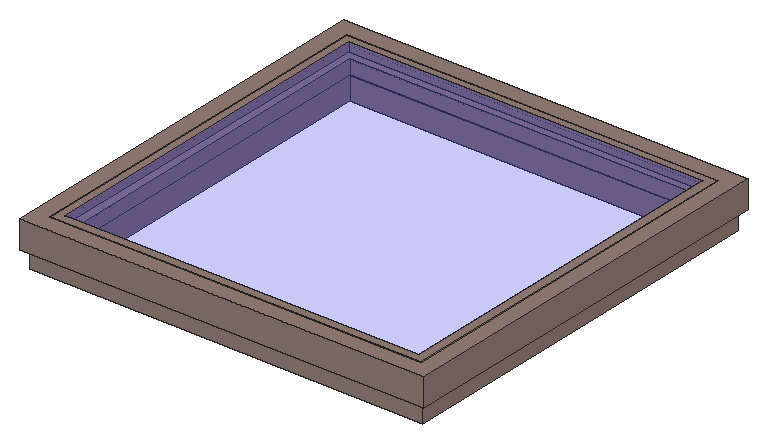
Revit family "M_Claraboia-pivô-suspensa", category Janelas, Revit 2019
Family settings
  Hospedeiro = Telhado
  Número OmniClass = 23.30.30.00
  Título OmniClass = Skylights
  Sempre na vertical = Não
  Corte com vazios quando carregada = Não
  Compartilhado = Não
  Ponto de cálculo do ambiente = Não
Parameters (values of type "900 x 900mm")
  Width = 900 mm
  Visual Light Transmittance = 0.9
  Resistência térmica (R) = 0.174331 (m²·K)/W
  Solar Heat Gain Coefficient = 0.86
  Rough Width = Width + 15 mm  # 915 mm
  Rough Height = Height + 15 mm  # 915 mm
  Height = 900 mm
  Coeficiente de transferência de calor (U) = 5.73618 W/(m²·K)
  Material do painel de vidro = Vidro
  Material da moldura = Metal - Bronze, Escovado leve
  Classificação de incêndio = "0.5h"
  Altura base = 80 mm
  Código de montagem = "B2020100"
  Construção analítica = "Janelas de vidraça única – residencial"
Reference planes
  plane 1 "Centro (Frente/Trás)": y = 0
  plane 2 "Telhado": z = 3657.6
  plane 3 "Centro (Esquerda/Direita)": x = 0
  plane 4: x = -450
  plane 5: x = 450
  plane 6: y = 450
  plane 7: y = -450
  plane 8: y = 386.5
  plane 9: y = -386.5
  plane 10: x = -386.5
  plane 11: x = 386.5
  plane 12: x = -462.7
  plane 13: x = 462.7
  plane 14: y = 462.7
  plane 15: y = -462.7
  plane 16: z = 3887.6
  plane 17: z = 3913
  plane 18: y = 424.6
  plane 19: y = -424.6
  plane 20: x = -424.6
  plane 21: x = 424.6
  plane 22: z = 3862.2
Forms (mm)
  Sweep 1, solid, material "Metal - Bronze, Escovado leve" <- "Material da moldura"
    path origin (0, 0, 3657.6) x (1, 0, 0) y (0, 1, 0)
      loop
        line (-450, 450) -> (-450, -450) -> (450, -450) -> (450, 450) -> (-450, 450)
    profile origin (0, 450, 3657.6) x (0, 1, 0) y (0, 0, 1)
      loop
        line (0, 150) -> (0, 230) -> (-25.4, 230) -> (-25.4, 204.6) -> (-63.5, 204.6) -> (-63.5, 150) -> (0, 150)
  Sweep 2, solid, material "Metal - Bronze, Escovado leve" <- "Material da moldura"
    path origin (0, 0, 3657.6) x (1, 0, 0) y (0, 1, 0)
      loop
        line (-450, 450) -> (-450, -450) -> (450, -450) -> (450, 450) -> (-450, 450)
    profile origin (0, 450, 3657.6) x (0, 1, 0) y (0, 0, 1)
      loop
        line (-25.4, 230) -> (0, 230) -> (0, 191.9) -> (12.7, 191.9) -> (12.7, 255.4) -> (-25.4, 255.4) -> (-25.4, 230)
  Extrusion 3, solid, material "Vidro" <- "Material do painel de vidro"
    sketch origin (-228.6, -4572, 3913) x (-1, 0, 0) y (0, -1, 0)
      loop
        line (176.95, -4977.55) -> (176.95, -4166.45) -> (-634.15, -4166.45) -> (-634.15, -4977.55) -> (176.95, -4977.55)
    from 0 to -5.556
  Sweep 4, solid, material "Metal - Bronze, Escovado leve" <- "Material da moldura"
    path origin (-228.6, -4572, 3913) x (-1, 0, 0) y (0, -1, 0)
      loop
        line (196, -4996.6) -> (196, -4147.4) -> (-653.2, -4147.4) -> (-653.2, -4996.6) -> (196, -4996.6)
    profile origin (0, 424.6, 3913) x (0, 1, 0) y (0, 0, 1)
      loop
        line (0, 0) -> (-19.05, 0) -> (-19.05, -19.05) -> (-38.1, -19.05) -> (-38.1, -50.8) -> (0, -50.8) -> (0, 0)
Lines and regions (mm)
  Opening 1
    outline origin (0, 0, 3807.6) x (0, 1, 0) y (-1, 0, 0)
      loop
        line (386.5, 386.5) -> (-386.5, 386.5) -> (-386.5, -386.5) -> (386.5, -386.5) -> (386.5, 386.5)
  model lines, style "Giro da elevação"
    curve 1: line (0, 424.6, 3913) -> (-424.6, 0, 3913)
    curve 2: line (0, 424.6, 3913) -> (424.6, 0, 3913)
    curve 3: line (0, -424.6, 3913) -> (-424.6, 0, 3913)
    curve 4: line (0, -424.6, 3913) -> (424.6, 0, 3913)
Dimensions and locks
  equal spacing: host sketch curve, plane 3 "Centro (Esquerda/Direita)", host sketch curve
  equal spacing: host sketch curve, plane 1 "Centro (Frente/Trás)", host sketch curve
  equal spacing: plane 6, plane 1 "Centro (Frente/Trás)", plane 7
  equal spacing: plane 4, plane 3 "Centro (Esquerda/Direita)", plane 5
  "Width": plane 4 to plane 5
  "Height": plane 6 to plane 7
  locked: plane 6 to plane 8 at 63.5
  locked: plane 9 to plane 7 at 63.5
  locked: plane 4 to plane 10 at 63.5
  locked: plane 11 to plane 5 at 63.5
  locked: plane 12 to plane 4 at 12.7
  locked: plane 5 to plane 13 at 12.7
  locked: plane 7 to plane 15 at 12.7
  "Altura base": host roof to plane 16
  locked: plane 17 to plane 16 at 25.4
  locked: Sweep 2 sketch curve to plane 16 at 38.1
  locked: plane 6 to plane 18 at 25.4
  locked: plane 19 to plane 7 at 25.4
  locked: plane 4 to plane 20 at 25.4
  locked: plane 21 to plane 5 at 25.4
  locked: plane 22 to plane 16 at 25.4
  locked: plane 14 to plane 6 at 12.7
  locked: plane 18 to Sweep 4 sketch curve at 19.05
  locked: plane 17 to Sweep 4 sketch curve at 19.05
  aligned and locked: plane 2 "Telhado" to level
  aligned and locked: Opening 1 sketch curve to plane 8
  aligned and locked: plane 10 to Opening 1 sketch curve
  aligned and locked: plane 9 to Opening 1 sketch curve
  aligned and locked: Opening 1 sketch curve to plane 11
  aligned and locked: Sweep 1 sketch curve to plane 6  (x2)
  aligned and locked: plane 4 to Sweep 1 sketch curve
  aligned and locked: plane 7 to Sweep 1 sketch curve
  aligned and locked: Sweep 1 sketch curve to plane 5
  aligned and locked: host roof to Sweep 1 sketch curve
  aligned and locked: plane 16 to Sweep 1 sketch curve
  aligned and locked: Sweep 2 sketch curve to Sweep 1  (x4)
  aligned and locked: plane 17 to Sweep 2 sketch curve
  aligned and locked: plane 14 to Sweep 2 sketch curve
  aligned and locked: Sweep 2 sketch curve to plane 6
  aligned and locked: plane 16 to Sweep 2 sketch curve
  aligned and locked: plane 18 to Sweep 2 sketch curve
  aligned and locked: plane 8 to Sweep 1 sketch curve
  aligned and locked: Sweep 1 sketch curve to plane 18
  aligned and locked: Sweep 1 sketch curve to plane 22
  aligned and locked: Sweep 4 sketch curve to Sweep 1  (x4)
  aligned and locked: plane 18 to Sweep 4 sketch curve
  aligned and locked: Sweep 4 sketch curve to plane 17
  aligned and locked: plane 22 to Sweep 4 sketch curve
  aligned and locked: plane 8 to Sweep 4 sketch curve
  aligned and locked: Extrusion 3 to Sweep 4  (x4)
  aligned and locked: plane 1 "Centro (Frente/Trás)" to curve 3
  aligned and locked: plane 1 "Centro (Frente/Trás)" to curve 4
  aligned and locked: plane 3 "Centro (Esquerda/Direita)" to curve 2
  aligned and locked: plane 18 to curve 2
  aligned and locked: plane 20 to curve 3
  aligned and locked: plane 21 to curve 4
  aligned and locked: plane 19 to curve 3
  aligned and locked: plane 19 to Sweep 4
  aligned and locked: plane 3 "Centro (Esquerda/Direita)" to curve 3
Automatic sketch dimensions
  plane 18 to Extrusion 3 sketch curve = 19.05 mm
  plane 11 to Extrusion 3 sketch curve = 19.05 mm
  Extrusion 3 sketch curve to plane 19 = 19.05 mm
  plane 20 to Extrusion 3 sketch curve = 19.05 mm
Types in the file's own list only (17): name | Largura | Transmissão de luz visual | Resistência térmica (R) | Coeficiente de ganho de calor solar | Largura bruta | Altura bruta | Altura | Coeficiente de transferência de calor (U)
  600 x 600mm | 600 mm | 0.9 | 0.1743 (m²·K)/W | 0.86 | 615 mm | 615 mm | 600 mm | 5.7362 W/(m²·K)
  600 x 800mm | 600 mm | 0.9 | 0.1743 (m²·K)/W | 0.86 | 615 mm | 815 mm | 800 mm | 5.7362 W/(m²·K)
  600 x 900mm | 600 mm | 0.9 | 0.1743 (m²·K)/W | 0.86 | 615 mm | 915 mm | 900 mm | 5.7362 W/(m²·K)
  600 x 1200mm | 600 mm | 0.9 | 0.1743 (m²·K)/W | 0.86 | 615 mm | 1215 mm | 1200 mm | 5.7362 W/(m²·K)
  800 x 600mm | 800 mm | 0.9 | 0.1743 (m²·K)/W | 0.86 | 815 mm | 615 mm | 600 mm | 5.7362 W/(m²·K)
  800 x 800mm | 800 mm | 0.9 | 0.1743 (m²·K)/W | 0.86 | 815 mm | 815 mm | 800 mm | 5.7362 W/(m²·K)
  800 x 900mm | 800 mm | 0.9 | 0.1743 (m²·K)/W | 0.86 | 815 mm | 915 mm | 900 mm | 5.7362 W/(m²·K)
  900 x 600mm | 900 mm | 0.9 | 0.1743 (m²·K)/W | 0.86 | 915 mm | 615 mm | 600 mm | 5.7362 W/(m²·K)
  900 x 800mm | 900 mm | 0.9 | 0.1743 (m²·K)/W | 0.86 | 915 mm | 815 mm | 800 mm | 5.7362 W/(m²·K)
  900 x 1200mm | 900 mm | 0.9 | 0.1743 (m²·K)/W | 0.86 | 915 mm | 1215 mm | 1200 mm | 5.7362 W/(m²·K)
  1200 x 600mm | 1200 mm | 0.9 | 0.1743 (m²·K)/W | 0.86 | 1215 mm | 615 mm | 600 mm | 5.7362 W/(m²·K)
  1200 x 800mm | 1200 mm | 0.9 | 0.1743 (m²·K)/W | 0.86 | 1215 mm | 815 mm | 800 mm | 5.7362 W/(m²·K)
  1200 x 900mm | 1200 mm | 0.9 | 0.1743 (m²·K)/W | 0.86 | 1215 mm | 915 mm | 900 mm | 5.7362 W/(m²·K)
  1200 x 1200mm | 1200 mm | 0.9 | 0.1743 (m²·K)/W | 0.86 | 1215 mm | 1215 mm | 1200 mm | 5.7362 W/(m²·K)
  1500 x 600mm | 1500 mm | 0.9 | 0.1743 (m²·K)/W | 0.86 | 1515 mm | 615 mm | 600 mm | 5.7362 W/(m²·K)
  1500 x 800mm | 1500 mm | 0.9 | 0.1743 (m²·K)/W | 0.86 | 1515 mm | 815 mm | 800 mm | 5.7362 W/(m²·K)
  1500 x 900mm | 1500 mm | 0.9 | 0.1743 (m²·K)/W | 0.86 | 1515 mm | 915 mm | 900 mm | 5.7362 W/(m²·K)
